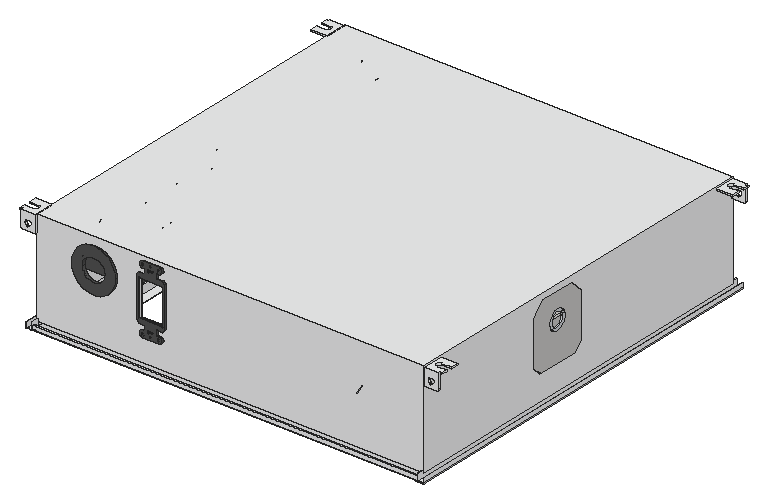
Revit family "AV-Connectivity_Ceiling-Boxes_CB-22_FSR", category Specialty Equipment, host Ceiling, Revit 2026 (continued)
Definition of nested family "CB-22-1"
  Forms (in)
    Extrusion 8, solid, material <- "Tray"
      sketch origin (0, -19.78167, 11.16583) x (0, -1, 0) y (1, 0, 0)
        loop
          line (-16.36349, -7.42849) -> (-16.82452, -7.42849) -> (-16.82452, -7.88952) -> (-16.36349, -7.88952) -> (-16.36349, -7.42849)
        loop
          circle (-16.20748, -7.73951) r 0.05325
        loop
          circle (-16.20748, -6.33941) r 0.05325
        loop
          line (-11.90601, -11.46647) -> (-8.38795, -11.46647) -> (-8.38795, -6.18042) -> (-11.781, -6.18042)
          arc (-11.781, -6.18042) -> (-11.86939, -6.21703) -> (-11.90601, -6.30543) r 0.12501
          line (-11.90601, -6.30543) -> (-11.90601, -11.46647)
        loop
          circle (-10.02988, -8.05554) r 0.88006
        loop
          circle (-11.58617, -8.93762) r 0.12501
        loop
          circle (-10.64911, -6.50044) r 0.12501
        loop
          line (-11.62203, -6.69302) -> (-11.68709, -6.75808) -> (-11.687, -7.13501)
          arc (-11.687, -7.13501) -> (-11.66694, -7.18343) -> (-11.61851, -7.2035) r 0.0685
          line (-11.61851, -7.2035) -> (-11.24159, -7.20359) -> (-11.17653, -7.13853) -> (-11.62203, -6.69302)
        loop
          line (-10.95589, -6.9179) -> (-10.89084, -6.85284) -> (-10.89093, -6.47591)
          arc (-10.89093, -6.47591) -> (-10.91099, -6.42749) -> (-10.95941, -6.40742) r 0.0685
          line (-10.95941, -6.40742) -> (-11.33634, -6.40733) -> (-11.4014, -6.47239) -> (-10.95589, -6.9179)
      from -5.61807 to -5.54776
    Extrusion 9, solid, material <- "Black"
      sketch origin (0, -19.78167, 7.0572) x (0, -1, 0) y (1, 0, 0)
        loop
          line (-15.24, -8.27839) -> (-15.24, -11.46647) -> (-11.58741, -11.46647) -> (-11.58741, -8.27839) -> (-15.24, -8.27839)
      from -5.61807 to -1.43913
    Sweep 10, solid, material <- "Box Material"
      path origin (0, -19.78167, 0) x (0, -1, 0) y (1, 0, 0)
        loop
          line (-31.17539, -11.46647) -> (-31.17539, 11.45677)
      profile origin (-0.00485, 11.39372, 0) x (0, 1, 0) y (0, 0, 1)
        loop
          line (0.39323, 0) -> (0.39323, -0.27602) -> (0.03441, -0.27602) -> (0.03441, 0.12611) -> (0, 0.12611) -> (0, -0.27937)
          arc (0, -0.27937) -> (0.01568, -0.30284) -> (0.04241, -0.31192) r 0.0439
          line (0.04241, -0.31192) -> (0.38523, -0.31192)
          arc (0.38523, -0.31192) -> (0.41627, -0.29906) -> (0.42913, -0.26802) r 0.0439
          line (0.42913, -0.26802) -> (0.42913, 0) -> (0.39323, 0)
    Sweep 11, solid, material <- "Box Material"
      path origin (0, 19.73787, 0) x (0, -1, 0) y (1, 0, 0)
        loop
          line (31.17539, -11.46647) -> (31.17539, 11.45677)
      profile origin (-0.00485, -11.43752, 0) x (0, 1, 0) y (0, 0, 1)
        loop
          line (-0.39323, 0) -> (-0.42913, 0) -> (-0.42913, -0.26802)
          arc (-0.42913, -0.26802) -> (-0.41627, -0.29906) -> (-0.38523, -0.31192) r 0.0439
          line (-0.38523, -0.31192) -> (0.00139, -0.31192)
          arc (0.00139, -0.31192) -> (0.02812, -0.30284) -> (0.0438, -0.27937) r 0.0439
          line (0.0438, -0.27937) -> (0.0438, 0.12611) -> (0.00939, 0.12611) -> (0.00939, -0.27602) -> (-0.39323, -0.27602) -> (-0.39323, 0)
    Sweep 12, solid, material <- "Box Material"
      path origin (0, -19.78167, 0) x (0, 1, 0) y (-1, 0, 0)
        loop
          line (31.60452, -11.46647) -> (7.91502, -11.46647)
      profile origin (11.46647, -0.0219, 0) x (1, 0, 0) y (0, 0, 1)
        loop
          line (0.34263, 0) -> (0.34263, -0.27602) -> (0.03441, -0.27602) -> (0.03441, 0.12611) -> (0, 0.12611) -> (0, -0.27937)
          arc (0, -0.27937) -> (0.01568, -0.30284) -> (0.04241, -0.31192) r 0.0439
          line (0.04241, -0.31192) -> (0.33463, -0.31192)
          arc (0.33463, -0.31192) -> (0.36567, -0.29906) -> (0.37853, -0.26802) r 0.0439
          line (0.37853, -0.26802) -> (0.37853, 0) -> (0.34263, 0)
    Sweep 13, solid, material <- "Box Material"
      path origin (0, 0, 0) x (1, 0, 0) y (0, 1, 0)
        loop
          line (-9.69989, 11.39372) -> (-9.69989, -11.39372) -> (9.36913, -11.39372) -> (9.36913, 11.39372) -> (-9.69989, 11.39372)
      profile origin (-9.69989, 0, 0) x (1, 0, 0) y (0, 0, 1)
        loop
          line (0.03764, -0.33915) -> (0.03764, 0.12611) -> (0, 0.12611) -> (0, -0.33102)
          arc (0, -0.33102) -> (0.0146, -0.36207) -> (0.04564, -0.37493) r 0.0439
          line (0.04564, -0.37493) -> (0.62678, -0.37493) -> (0.62678, -0.33915) -> (0.03764, -0.33915)
    Extrusion 14, solid, material <- "Box Material"
      sketch origin (0, 0, 0) x (1, 0, 0) y (0, 1, 0)
        loop
          arc (-10.05368, 11.36632) -> (-10.06882, 11.40711) -> (-10.10691, 11.42813) r 0.0625
          line (-10.10691, 11.42813) -> (-11.41454, 11.42813)
          arc (-11.41454, 11.42813) -> (-11.44821, 11.41174) -> (-11.46647, 11.37904) r 0.06251
          line (-11.46647, 11.37904) -> (-11.46647, -11.42294)
          arc (-11.46647, -11.42294) -> (-11.44471, -11.45871) -> (-11.40527, -11.47273) r 0.06251
          line (-11.40527, -11.47273) -> (-10.11618, -11.47273)
          arc (-10.11618, -11.47273) -> (-10.07199, -11.45442) -> (-10.05368, -11.41022) r 0.0625
          line (-10.05368, -11.41022) -> (-10.05368, -11.33272) -> (-9.69989, -11.33272) -> (-9.69989, 11.28881) -> (-10.05368, 11.28881) -> (-10.05368, 11.36632)
        loop
          line (-11.09632, 10.24874) -> (-11.09632, 11.0928)
          arc (-11.09632, 11.0928) -> (-11.17432, 11.1708) -> (-11.25233, 11.0928) r 0.07801
          line (-11.25233, 11.0928) -> (-11.25233, 10.24874)
          arc (-11.25233, 10.24874) -> (-11.17432, 10.17074) -> (-11.09632, 10.24874) r 0.07801
        loop
          line (-11.09632, 9.06066) -> (-11.09632, 9.90472)
          arc (-11.09632, 9.90472) -> (-11.17432, 9.98272) -> (-11.25233, 9.90472) r 0.07801
          line (-11.25233, 9.90472) -> (-11.25233, 9.06066)
          arc (-11.25233, 9.06066) -> (-11.17432, 8.98266) -> (-11.09632, 9.06066) r 0.07801
        loop
          line (-11.09632, 7.87258) -> (-11.09632, 8.71664)
          arc (-11.09632, 8.71664) -> (-11.17432, 8.79464) -> (-11.25233, 8.71664) r 0.07801
          line (-11.25233, 8.71664) -> (-11.25233, 7.87258)
          arc (-11.25233, 7.87258) -> (-11.17432, 7.79458) -> (-11.09632, 7.87258) r 0.07801
        loop
          line (-11.09632, 6.6845) -> (-11.09632, 7.52856)
          arc (-11.09632, 7.52856) -> (-11.17432, 7.60656) -> (-11.25233, 7.52856) r 0.07801
          line (-11.25233, 7.52856) -> (-11.25233, 6.6845)
          arc (-11.25233, 6.6845) -> (-11.17432, 6.6065) -> (-11.09632, 6.6845) r 0.07801
        loop
          line (-11.09632, 5.49642) -> (-11.09632, 6.34048)
          arc (-11.09632, 6.34048) -> (-11.17432, 6.41848) -> (-11.25233, 6.34048) r 0.07801
          line (-11.25233, 6.34048) -> (-11.25233, 5.49642)
          arc (-11.25233, 5.49642) -> (-11.17432, 5.41842) -> (-11.09632, 5.49642) r 0.07801
        loop
          line (-11.09632, 4.30834) -> (-11.09632, 5.1524)
          arc (-11.09632, 5.1524) -> (-11.17432, 5.2304) -> (-11.25233, 5.1524) r 0.07801
          line (-11.25233, 5.1524) -> (-11.25233, 4.30834)
          arc (-11.25233, 4.30834) -> (-11.17432, 4.23034) -> (-11.09632, 4.30834) r 0.07801
        loop
          line (-11.09632, 3.12026) -> (-11.09632, 3.96432)
          arc (-11.09632, 3.96432) -> (-11.17432, 4.04232) -> (-11.25233, 3.96432) r 0.07801
          line (-11.25233, 3.96432) -> (-11.25233, 3.12026)
          arc (-11.25233, 3.12026) -> (-11.17432, 3.04226) -> (-11.09632, 3.12026) r 0.07801
        loop
          line (-11.09632, 1.93218) -> (-11.09632, 2.77624)
          arc (-11.09632, 2.77624) -> (-11.17432, 2.85424) -> (-11.25233, 2.77624) r 0.07801
          line (-11.25233, 2.77624) -> (-11.25233, 1.93218)
          arc (-11.25233, 1.93218) -> (-11.17432, 1.85418) -> (-11.09632, 1.93218) r 0.07801
        loop
          line (-11.09632, 0.7441) -> (-11.09632, 1.58816)
          arc (-11.09632, 1.58816) -> (-11.17432, 1.66616) -> (-11.25233, 1.58816) r 0.07801
          line (-11.25233, 1.58816) -> (-11.25233, 0.7441)
          arc (-11.25233, 0.7441) -> (-11.17432, 0.66609) -> (-11.09632, 0.7441) r 0.07801
        loop
          line (-11.25233, 0.39008) -> (-11.25233, -0.03395)
          arc (-11.25233, -0.03395) -> (-11.17432, -0.11196) -> (-11.09632, -0.03395) r 0.07801
          line (-11.09632, -0.03395) -> (-11.09632, 0.39008)
          arc (-11.09632, 0.39008) -> (-11.17432, 0.46808) -> (-11.25233, 0.39008) r 0.07801
        loop
          line (-10.71125, 10.24874) -> (-10.71125, 11.0928)
          arc (-10.71125, 11.0928) -> (-10.78925, 11.1708) -> (-10.86726, 11.0928) r 0.07801
          line (-10.86726, 11.0928) -> (-10.86726, 10.24874)
          arc (-10.86726, 10.24874) -> (-10.78925, 10.17074) -> (-10.71125, 10.24874) r 0.07801
        loop
          line (-10.71125, 9.06066) -> (-10.71125, 9.90472)
          arc (-10.71125, 9.90472) -> (-10.78925, 9.98272) -> (-10.86726, 9.90472) r 0.07801
          line (-10.86726, 9.90472) -> (-10.86726, 9.06066)
          arc (-10.86726, 9.06066) -> (-10.78925, 8.98266) -> (-10.71125, 9.06066) r 0.07801
        loop
          line (-10.71125, 7.87258) -> (-10.71125, 8.71664)
          arc (-10.71125, 8.71664) -> (-10.78925, 8.79464) -> (-10.86726, 8.71664) r 0.07801
          line (-10.86726, 8.71664) -> (-10.86726, 7.87258)
          arc (-10.86726, 7.87258) -> (-10.78925, 7.79458) -> (-10.71125, 7.87258) r 0.07801
        loop
          line (-10.71125, 6.6845) -> (-10.71125, 7.52856)
          arc (-10.71125, 7.52856) -> (-10.78925, 7.60656) -> (-10.86726, 7.52856) r 0.07801
          line (-10.86726, 7.52856) -> (-10.86726, 6.6845)
          arc (-10.86726, 6.6845) -> (-10.78925, 6.6065) -> (-10.71125, 6.6845) r 0.07801
        loop
          line (-10.71125, 5.49642) -> (-10.71125, 6.34048)
          arc (-10.71125, 6.34048) -> (-10.78925, 6.41848) -> (-10.86726, 6.34048) r 0.07801
          line (-10.86726, 6.34048) -> (-10.86726, 5.49642)
          arc (-10.86726, 5.49642) -> (-10.78925, 5.41842) -> (-10.71125, 5.49642) r 0.07801
        loop
          line (-10.71125, 4.30834) -> (-10.71125, 5.1524)
          arc (-10.71125, 5.1524) -> (-10.78925, 5.2304) -> (-10.86726, 5.1524) r 0.07801
          line (-10.86726, 5.1524) -> (-10.86726, 4.30834)
          arc (-10.86726, 4.30834) -> (-10.78925, 4.23034) -> (-10.71125, 4.30834) r 0.07801
        loop
          line (-10.71125, 3.12026) -> (-10.71125, 3.96432)
          arc (-10.71125, 3.96432) -> (-10.78925, 4.04232) -> (-10.86726, 3.96432) r 0.07801
          line (-10.86726, 3.96432) -> (-10.86726, 3.12026)
          arc (-10.86726, 3.12026) -> (-10.78925, 3.04226) -> (-10.71125, 3.12026) r 0.07801
        loop
          line (-10.71125, 1.93218) -> (-10.71125, 2.77624)
          arc (-10.71125, 2.77624) -> (-10.78925, 2.85424) -> (-10.86726, 2.77624) r 0.07801
          line (-10.86726, 2.77624) -> (-10.86726, 1.93218)
          arc (-10.86726, 1.93218) -> (-10.78925, 1.85418) -> (-10.71125, 1.93218) r 0.07801
        loop
          line (-10.71125, 0.7441) -> (-10.71125, 1.58816)
          arc (-10.71125, 1.58816) -> (-10.78925, 1.66616) -> (-10.86726, 1.58816) r 0.07801
          line (-10.86726, 1.58816) -> (-10.86726, 0.7441)
          arc (-10.86726, 0.7441) -> (-10.78925, 0.66609) -> (-10.71125, 0.7441) r 0.07801
        loop
          line (-10.86726, 0.39008) -> (-10.86726, -0.03395)
          arc (-10.86726, -0.03395) -> (-10.78925, -0.11196) -> (-10.71125, -0.03395) r 0.07801
          line (-10.71125, -0.03395) -> (-10.71125, 0.39008)
          arc (-10.71125, 0.39008) -> (-10.78925, 0.46808) -> (-10.86726, 0.39008) r 0.07801
        loop
          line (-10.32618, 10.24874) -> (-10.32618, 11.0928)
          arc (-10.32618, 11.0928) -> (-10.40419, 11.1708) -> (-10.48219, 11.0928) r 0.07801
          line (-10.48219, 11.0928) -> (-10.48219, 10.24874)
          arc (-10.48219, 10.24874) -> (-10.40419, 10.17074) -> (-10.32618, 10.24874) r 0.07801
        loop
          line (-10.32618, 9.06066) -> (-10.32618, 9.90472)
          arc (-10.32618, 9.90472) -> (-10.40419, 9.98272) -> (-10.48219, 9.90472) r 0.07801
          line (-10.48219, 9.90472) -> (-10.48219, 9.06066)
          arc (-10.48219, 9.06066) -> (-10.40419, 8.98266) -> (-10.32618, 9.06066) r 0.07801
        loop
          line (-10.32618, 7.87258) -> (-10.32618, 8.71664)
          arc (-10.32618, 8.71664) -> (-10.40419, 8.79464) -> (-10.48219, 8.71664) r 0.07801
          line (-10.48219, 8.71664) -> (-10.48219, 7.87258)
          arc (-10.48219, 7.87258) -> (-10.40419, 7.79458) -> (-10.32618, 7.87258) r 0.07801
        loop
          line (-10.32618, 6.6845) -> (-10.32618, 7.52856)
          arc (-10.32618, 7.52856) -> (-10.40419, 7.60656) -> (-10.48219, 7.52856) r 0.07801
          line (-10.48219, 7.52856) -> (-10.48219, 6.6845)
          arc (-10.48219, 6.6845) -> (-10.40419, 6.6065) -> (-10.32618, 6.6845) r 0.07801
        loop
          line (-10.32618, 5.49642) -> (-10.32618, 6.34048)
          arc (-10.32618, 6.34048) -> (-10.40419, 6.41848) -> (-10.48219, 6.34048) r 0.07801
          line (-10.48219, 6.34048) -> (-10.48219, 5.49642)
          arc (-10.48219, 5.49642) -> (-10.40419, 5.41842) -> (-10.32618, 5.49642) r 0.07801
        loop
          line (-10.32618, 4.30834) -> (-10.32618, 5.1524)
          arc (-10.32618, 5.1524) -> (-10.40419, 5.2304) -> (-10.48219, 5.1524) r 0.07801
          line (-10.48219, 5.1524) -> (-10.48219, 4.30834)
          arc (-10.48219, 4.30834) -> (-10.40419, 4.23034) -> (-10.32618, 4.30834) r 0.07801
        loop
          line (-10.32618, 3.12026) -> (-10.32618, 3.96432)
          arc (-10.32618, 3.96432) -> (-10.40419, 4.04232) -> (-10.48219, 3.96432) r 0.07801
          line (-10.48219, 3.96432) -> (-10.48219, 3.12026)
          arc (-10.48219, 3.12026) -> (-10.40419, 3.04226) -> (-10.32618, 3.12026) r 0.07801
        loop
          line (-10.32618, 1.93218) -> (-10.32618, 2.77624)
          arc (-10.32618, 2.77624) -> (-10.40419, 2.85424) -> (-10.48219, 2.77624) r 0.07801
          line (-10.48219, 2.77624) -> (-10.48219, 1.93218)
          arc (-10.48219, 1.93218) -> (-10.40419, 1.85418) -> (-10.32618, 1.93218) r 0.07801
        loop
          line (-10.32618, 0.7441) -> (-10.32618, 1.58816)
          arc (-10.32618, 1.58816) -> (-10.40419, 1.66616) -> (-10.48219, 1.58816) r 0.07801
          line (-10.48219, 1.58816) -> (-10.48219, 0.7441)
          arc (-10.48219, 0.7441) -> (-10.40419, 0.66609) -> (-10.32618, 0.7441) r 0.07801
        loop
          line (-10.48219, 0.39008) -> (-10.48219, -0.03395)
          arc (-10.48219, -0.03395) -> (-10.40419, -0.11196) -> (-10.32618, -0.03395) r 0.07801
          line (-10.32618, -0.03395) -> (-10.32618, 0.39008)
          arc (-10.32618, 0.39008) -> (-10.40419, 0.46808) -> (-10.48219, 0.39008) r 0.07801
        loop
          line (-9.94112, 10.24874) -> (-9.94112, 11.0928)
          arc (-9.94112, 11.0928) -> (-10.01912, 11.1708) -> (-10.09713, 11.0928) r 0.07801
          line (-10.09713, 11.0928) -> (-10.09713, 10.24874)
          arc (-10.09713, 10.24874) -> (-10.01912, 10.17074) -> (-9.94112, 10.24874) r 0.07801
        loop
          line (-9.94112, 9.06066) -> (-9.94112, 9.90472)
          arc (-9.94112, 9.90472) -> (-10.01912, 9.98272) -> (-10.09713, 9.90472) r 0.07801
          line (-10.09713, 9.90472) -> (-10.09713, 9.06066)
          arc (-10.09713, 9.06066) -> (-10.01912, 8.98266) -> (-9.94112, 9.06066) r 0.07801
        loop
          line (-9.94112, 7.87258) -> (-9.94112, 8.71664)
          arc (-9.94112, 8.71664) -> (-10.01912, 8.79464) -> (-10.09713, 8.71664) r 0.07801
          line (-10.09713, 8.71664) -> (-10.09713, 7.87258)
          arc (-10.09713, 7.87258) -> (-10.01912, 7.79458) -> (-9.94112, 7.87258) r 0.07801
        loop
          line (-9.94112, 6.6845) -> (-9.94112, 7.52856)
          arc (-9.94112, 7.52856) -> (-10.01912, 7.60656) -> (-10.09713, 7.52856) r 0.07801
          line (-10.09713, 7.52856) -> (-10.09713, 6.6845)
          arc (-10.09713, 6.6845) -> (-10.01912, 6.6065) -> (-9.94112, 6.6845) r 0.07801
        loop
          line (-9.94112, 5.49642) -> (-9.94112, 6.34048)
          arc (-9.94112, 6.34048) -> (-10.01912, 6.41848) -> (-10.09713, 6.34048) r 0.07801
          line (-10.09713, 6.34048) -> (-10.09713, 5.49642)
          arc (-10.09713, 5.49642) -> (-10.01912, 5.41842) -> (-9.94112, 5.49642) r 0.07801
        loop
          line (-9.94112, 4.30834) -> (-9.94112, 5.1524)
          arc (-9.94112, 5.1524) -> (-10.01912, 5.2304) -> (-10.09713, 5.1524) r 0.07801
          line (-10.09713, 5.1524) -> (-10.09713, 4.30834)
          arc (-10.09713, 4.30834) -> (-10.01912, 4.23034) -> (-9.94112, 4.30834) r 0.07801
        loop
          line (-9.94112, 3.12026) -> (-9.94112, 3.96432)
          arc (-9.94112, 3.96432) -> (-10.01912, 4.04232) -> (-10.09713, 3.96432) r 0.07801
          line (-10.09713, 3.96432) -> (-10.09713, 3.12026)
          arc (-10.09713, 3.12026) -> (-10.01912, 3.04226) -> (-9.94112, 3.12026) r 0.07801
        loop
          line (-9.94112, 1.93218) -> (-9.94112, 2.77624)
          arc (-9.94112, 2.77624) -> (-10.01912, 2.85424) -> (-10.09713, 2.77624) r 0.07801
          line (-10.09713, 2.77624) -> (-10.09713, 1.93218)
          arc (-10.09713, 1.93218) -> (-10.01912, 1.85418) -> (-9.94112, 1.93218) r 0.07801
        loop
          line (-9.94112, 0.7441) -> (-9.94112, 1.58816)
          arc (-9.94112, 1.58816) -> (-10.01912, 1.66616) -> (-10.09713, 1.58816) r 0.07801
          line (-10.09713, 1.58816) -> (-10.09713, 0.7441)
          arc (-10.09713, 0.7441) -> (-10.01912, 0.66609) -> (-9.94112, 0.7441) r 0.07801
        loop
          line (-10.09713, 0.39008) -> (-10.09713, -0.03395)
          arc (-10.09713, -0.03395) -> (-10.01912, -0.11196) -> (-9.94112, -0.03395) r 0.07801
          line (-9.94112, -0.03395) -> (-9.94112, 0.39008)
          arc (-9.94112, 0.39008) -> (-10.01912, 0.46808) -> (-10.09713, 0.39008) r 0.07801
        loop
          line (-11.09632, -2.79114) -> (-11.09632, -2.60313)
          arc (-11.09632, -2.60313) -> (-11.17432, -2.52512) -> (-11.25233, -2.60313) r 0.07801
          line (-11.25233, -2.60313) -> (-11.25233, -2.79114)
          arc (-11.25233, -2.79114) -> (-11.17432, -2.86914) -> (-11.09632, -2.79114) r 0.07801
        loop
          line (-11.09632, -4.00822) -> (-11.09632, -3.16416)
          arc (-11.09632, -3.16416) -> (-11.17432, -3.08616) -> (-11.25233, -3.16416) r 0.07801
          line (-11.25233, -3.16416) -> (-11.25233, -4.00822)
          arc (-11.25233, -4.00822) -> (-11.17432, -4.08623) -> (-11.09632, -4.00822) r 0.07801
        loop
          line (-11.09632, -5.1963) -> (-11.09632, -4.35224)
          arc (-11.09632, -4.35224) -> (-11.17432, -4.27424) -> (-11.25233, -4.35224) r 0.07801
          line (-11.25233, -4.35224) -> (-11.25233, -5.1963)
          arc (-11.25233, -5.1963) -> (-11.17432, -5.27431) -> (-11.09632, -5.1963) r 0.07801
        loop
          line (-11.09632, -6.38438) -> (-11.09632, -5.54032)
          arc (-11.09632, -5.54032) -> (-11.17432, -5.46232) -> (-11.25233, -5.54032) r 0.07801
          line (-11.25233, -5.54032) -> (-11.25233, -6.38438)
          arc (-11.25233, -6.38438) -> (-11.17432, -6.46239) -> (-11.09632, -6.38438) r 0.07801
        loop
          line (-11.09632, -8.76054) -> (-11.09632, -7.91649)
          arc (-11.09632, -7.91649) -> (-11.17432, -7.83848) -> (-11.25233, -7.91649) r 0.07801
          line (-11.25233, -7.91649) -> (-11.25233, -8.76054)
          arc (-11.25233, -8.76054) -> (-11.17432, -8.83855) -> (-11.09632, -8.76054) r 0.07801
        loop
          line (-11.09632, -9.94862) -> (-11.09632, -9.10457)
          arc (-11.09632, -9.10457) -> (-11.17432, -9.02656) -> (-11.25233, -9.10457) r 0.07801
          line (-11.25233, -9.10457) -> (-11.25233, -9.94862)
          arc (-11.25233, -9.94862) -> (-11.17432, -10.02663) -> (-11.09632, -9.94862) r 0.07801
        loop
          line (-11.09632, -11.1367) -> (-11.09632, -10.29265)
          arc (-11.09632, -10.29265) -> (-11.17432, -10.21464) -> (-11.25233, -10.29265) r 0.07801
          line (-11.25233, -10.29265) -> (-11.25233, -11.1367)
          arc (-11.25233, -11.1367) -> (-11.17432, -11.21471) -> (-11.09632, -11.1367) r 0.07801
        loop
          line (-11.09632, -7.57246) -> (-11.09632, -6.7284)
          arc (-11.09632, -6.7284) -> (-11.17432, -6.6504) -> (-11.25233, -6.7284) r 0.07801
          line (-11.25233, -6.7284) -> (-11.25233, -7.57246)
          arc (-11.25233, -7.57246) -> (-11.17432, -7.65047) -> (-11.09632, -7.57246) r 0.07801
        loop
          line (-10.71125, -2.79114) -> (-10.71125, -2.60313)
          arc (-10.71125, -2.60313) -> (-10.78925, -2.52512) -> (-10.86726, -2.60313) r 0.07801
          line (-10.86726, -2.60313) -> (-10.86726, -2.79114)
          arc (-10.86726, -2.79114) -> (-10.78925, -2.86914) -> (-10.71125, -2.79114) r 0.07801
        loop
          line (-10.71125, -4.00822) -> (-10.71125, -3.16416)
          arc (-10.71125, -3.16416) -> (-10.78925, -3.08616) -> (-10.86726, -3.16416) r 0.07801
          line (-10.86726, -3.16416) -> (-10.86726, -4.00822)
          arc (-10.86726, -4.00822) -> (-10.78925, -4.08623) -> (-10.71125, -4.00822) r 0.07801
        loop
          line (-10.71125, -5.1963) -> (-10.71125, -4.35224)
          arc (-10.71125, -4.35224) -> (-10.78925, -4.27424) -> (-10.86726, -4.35224) r 0.07801
          line (-10.86726, -4.35224) -> (-10.86726, -5.1963)
          arc (-10.86726, -5.1963) -> (-10.78925, -5.27431) -> (-10.71125, -5.1963) r 0.07801
        loop
          line (-10.71125, -6.38438) -> (-10.71125, -5.54032)
          arc (-10.71125, -5.54032) -> (-10.78925, -5.46232) -> (-10.86726, -5.54032) r 0.07801
          line (-10.86726, -5.54032) -> (-10.86726, -6.38438)
          arc (-10.86726, -6.38438) -> (-10.78925, -6.46239) -> (-10.71125, -6.38438) r 0.07801
        loop
          line (-10.71125, -8.76054) -> (-10.71125, -7.91649)
          arc (-10.71125, -7.91649) -> (-10.78925, -7.83848) -> (-10.86726, -7.91649) r 0.07801
          line (-10.86726, -7.91649) -> (-10.86726, -8.76054)
          arc (-10.86726, -8.76054) -> (-10.78925, -8.83855) -> (-10.71125, -8.76054) r 0.07801
        loop
          line (-10.71125, -9.94862) -> (-10.71125, -9.10457)
          arc (-10.71125, -9.10457) -> (-10.78925, -9.02656) -> (-10.86726, -9.10457) r 0.07801
          line (-10.86726, -9.10457) -> (-10.86726, -9.94862)
          arc (-10.86726, -9.94862) -> (-10.78925, -10.02663) -> (-10.71125, -9.94862) r 0.07801
        loop
          line (-10.71125, -11.1367) -> (-10.71125, -10.29265)
          arc (-10.71125, -10.29265) -> (-10.78925, -10.21464) -> (-10.86726, -10.29265) r 0.07801
          line (-10.86726, -10.29265) -> (-10.86726, -11.1367)
          arc (-10.86726, -11.1367) -> (-10.78925, -11.21471) -> (-10.71125, -11.1367) r 0.07801
        loop
          line (-10.71125, -7.57246) -> (-10.71125, -6.7284)
          arc (-10.71125, -6.7284) -> (-10.78925, -6.6504) -> (-10.86726, -6.7284) r 0.07801
          line (-10.86726, -6.7284) -> (-10.86726, -7.57246)
          arc (-10.86726, -7.57246) -> (-10.78925, -7.65047) -> (-10.71125, -7.57246) r 0.07801
        loop
          line (-10.32618, -2.79114) -> (-10.32618, -2.60313)
          arc (-10.32618, -2.60313) -> (-10.40419, -2.52512) -> (-10.48219, -2.60313) r 0.07801
          line (-10.48219, -2.60313) -> (-10.48219, -2.79114)
          arc (-10.48219, -2.79114) -> (-10.40419, -2.86914) -> (-10.32618, -2.79114) r 0.07801
        loop
          line (-10.32618, -4.00822) -> (-10.32618, -3.16416)
          arc (-10.32618, -3.16416) -> (-10.40419, -3.08616) -> (-10.48219, -3.16416) r 0.07801
          line (-10.48219, -3.16416) -> (-10.48219, -4.00822)
          arc (-10.48219, -4.00822) -> (-10.40419, -4.08623) -> (-10.32618, -4.00822) r 0.07801
        loop
          line (-10.32618, -5.1963) -> (-10.32618, -4.35224)
          arc (-10.32618, -4.35224) -> (-10.40419, -4.27424) -> (-10.48219, -4.35224) r 0.07801
          line (-10.48219, -4.35224) -> (-10.48219, -5.1963)
          arc (-10.48219, -5.1963) -> (-10.40419, -5.27431) -> (-10.32618, -5.1963) r 0.07801
        loop
          line (-10.32618, -6.38438) -> (-10.32618, -5.54032)
          arc (-10.32618, -5.54032) -> (-10.40419, -5.46232) -> (-10.48219, -5.54032) r 0.07801
          line (-10.48219, -5.54032) -> (-10.48219, -6.38438)
          arc (-10.48219, -6.38438) -> (-10.40419, -6.46239) -> (-10.32618, -6.38438) r 0.07801
        loop
          line (-10.32618, -8.76054) -> (-10.32618, -7.91649)
          arc (-10.32618, -7.91649) -> (-10.40419, -7.83848) -> (-10.48219, -7.91649) r 0.07801
          line (-10.48219, -7.91649) -> (-10.48219, -8.76054)
          arc (-10.48219, -8.76054) -> (-10.40419, -8.83855) -> (-10.32618, -8.76054) r 0.07801
        loop
          line (-10.32618, -9.94862) -> (-10.32618, -9.10457)
          arc (-10.32618, -9.10457) -> (-10.40419, -9.02656) -> (-10.48219, -9.10457) r 0.07801
          line (-10.48219, -9.10457) -> (-10.48219, -9.94862)
          arc (-10.48219, -9.94862) -> (-10.40419, -10.02663) -> (-10.32618, -9.94862) r 0.07801
        loop
          line (-10.32618, -11.1367) -> (-10.32618, -10.29265)
          arc (-10.32618, -10.29265) -> (-10.40419, -10.21464) -> (-10.48219, -10.29265) r 0.07801
          line (-10.48219, -10.29265) -> (-10.48219, -11.1367)
          arc (-10.48219, -11.1367) -> (-10.40419, -11.21471) -> (-10.32618, -11.1367) r 0.07801
        loop
          line (-10.32618, -7.57246) -> (-10.32618, -6.7284)
          arc (-10.32618, -6.7284) -> (-10.40419, -6.6504) -> (-10.48219, -6.7284) r 0.07801
          line (-10.48219, -6.7284) -> (-10.48219, -7.57246)
          arc (-10.48219, -7.57246) -> (-10.40419, -7.65047) -> (-10.32618, -7.57246) r 0.07801
        loop
          line (-9.94112, -2.79114) -> (-9.94112, -2.60313)
          arc (-9.94112, -2.60313) -> (-10.01912, -2.52512) -> (-10.09713, -2.60313) r 0.07801
          line (-10.09713, -2.60313) -> (-10.09713, -2.79114)
          arc (-10.09713, -2.79114) -> (-10.01912, -2.86914) -> (-9.94112, -2.79114) r 0.07801
        loop
          line (-9.94112, -4.00822) -> (-9.94112, -3.16416)
          arc (-9.94112, -3.16416) -> (-10.01912, -3.08616) -> (-10.09713, -3.16416) r 0.07801
          line (-10.09713, -3.16416) -> (-10.09713, -4.00822)
          arc (-10.09713, -4.00822) -> (-10.01912, -4.08623) -> (-9.94112, -4.00822) r 0.07801
        loop
          line (-9.94112, -5.1963) -> (-9.94112, -4.35224)
          arc (-9.94112, -4.35224) -> (-10.01912, -4.27424) -> (-10.09713, -4.35224) r 0.07801
          line (-10.09713, -4.35224) -> (-10.09713, -5.1963)
          arc (-10.09713, -5.1963) -> (-10.01912, -5.27431) -> (-9.94112, -5.1963) r 0.07801
        loop
          line (-9.94112, -6.38438) -> (-9.94112, -5.54032)
          arc (-9.94112, -5.54032) -> (-10.01912, -5.46232) -> (-10.09713, -5.54032) r 0.07801
          line (-10.09713, -5.54032) -> (-10.09713, -6.38438)
          arc (-10.09713, -6.38438) -> (-10.01912, -6.46239) -> (-9.94112, -6.38438) r 0.07801
        loop
          line (-9.94112, -8.76054) -> (-9.94112, -7.91649)
          arc (-9.94112, -7.91649) -> (-10.01912, -7.83848) -> (-10.09713, -7.91649) r 0.07801
          line (-10.09713, -7.91649) -> (-10.09713, -8.76054)
          arc (-10.09713, -8.76054) -> (-10.01912, -8.83855) -> (-9.94112, -8.76054) r 0.07801
        loop
          line (-9.94112, -9.94862) -> (-9.94112, -9.10457)
          arc (-9.94112, -9.10457) -> (-10.01912, -9.02656) -> (-10.09713, -9.10457) r 0.07801
          line (-10.09713, -9.10457) -> (-10.09713, -9.94862)
          arc (-10.09713, -9.94862) -> (-10.01912, -10.02663) -> (-9.94112, -9.94862) r 0.07801
        loop
          line (-9.94112, -11.1367) -> (-9.94112, -10.29265)
          arc (-9.94112, -10.29265) -> (-10.01912, -10.21464) -> (-10.09713, -10.29265) r 0.07801
          line (-10.09713, -10.29265) -> (-10.09713, -11.1367)
          arc (-10.09713, -11.1367) -> (-10.01912, -11.21471) -> (-9.94112, -11.1367) r 0.07801
        loop
          line (-9.94112, -7.57246) -> (-9.94112, -6.7284)
          arc (-9.94112, -6.7284) -> (-10.01912, -6.6504) -> (-10.09713, -6.7284) r 0.07801
          line (-10.09713, -6.7284) -> (-10.09713, -7.57246)
          arc (-10.09713, -7.57246) -> (-10.01912, -7.65047) -> (-9.94112, -7.57246) r 0.07801
      from -0.31192 to -0.27602
    Extrusion 15, solid, material <- "Box Material"
      sketch origin (0, 0, 0) x (1, 0, 0) y (0, 1, 0)
        loop
          line (9.36913, 11.41682) -> (9.36913, -11.46072) -> (11.24426, -11.46072)
          arc (11.24426, -11.46072) -> (11.33265, -11.42411) -> (11.36927, -11.33572) r 0.12501
          line (11.36927, -11.33572) -> (11.36927, 11.29181)
          arc (11.36927, 11.29181) -> (11.33265, 11.38021) -> (11.24426, 11.41682) r 0.12501
          line (11.24426, 11.41682) -> (9.36913, 11.41682)
        loop
          arc (9.86617, 11.0928) -> (9.78816, 11.1708) -> (9.71016, 11.0928) r 0.07801
          line (9.71016, 11.0928) -> (9.71016, 10.24874)
          arc (9.71016, 10.24874) -> (9.78816, 10.17074) -> (9.86617, 10.24874) r 0.07801
          line (9.86617, 10.24874) -> (9.86617, 11.0928)
        loop
          arc (10.25119, 11.0928) -> (10.17319, 11.1708) -> (10.09518, 11.0928) r 0.07801
          line (10.09518, 11.0928) -> (10.09518, 10.24874)
          arc (10.09518, 10.24874) -> (10.17319, 10.17074) -> (10.25119, 10.24874) r 0.07801
          line (10.25119, 10.24874) -> (10.25119, 11.0928)
        loop
          line (10.48021, 11.0928) -> (10.48021, 10.24874)
          arc (10.48021, 10.24874) -> (10.55821, 10.17074) -> (10.63622, 10.24874) r 0.07801
          line (10.63622, 10.24874) -> (10.63622, 11.0928)
          arc (10.63622, 11.0928) -> (10.55821, 11.1708) -> (10.48021, 11.0928) r 0.07801
        loop
          line (10.86523, 11.0928) -> (10.86523, 10.24874)
          arc (10.86523, 10.24874) -> (10.94324, 10.17074) -> (11.02124, 10.24874) r 0.07801
          line (11.02124, 10.24874) -> (11.02124, 11.0928)
          arc (11.02124, 11.0928) -> (10.94324, 11.1708) -> (10.86523, 11.0928) r 0.07801
        loop
          arc (10.25119, 9.90472) -> (10.17319, 9.98272) -> (10.09518, 9.90472) r 0.07801
          line (10.09518, 9.90472) -> (10.09518, 9.06066)
          arc (10.09518, 9.06066) -> (10.17319, 8.98266) -> (10.25119, 9.06066) r 0.07801
          line (10.25119, 9.06066) -> (10.25119, 9.90472)
        loop
          line (10.48021, 9.90472) -> (10.48021, 9.06066)
          arc (10.48021, 9.06066) -> (10.55821, 8.98266) -> (10.63622, 9.06066) r 0.07801
          line (10.63622, 9.06066) -> (10.63622, 9.90472)
          arc (10.63622, 9.90472) -> (10.55821, 9.98272) -> (10.48021, 9.90472) r 0.07801
        loop
          line (10.86523, 9.90472) -> (10.86523, 9.06066)
          arc (10.86523, 9.06066) -> (10.94324, 8.98266) -> (11.02124, 9.06066) r 0.07801
          line (11.02124, 9.06066) -> (11.02124, 9.90472)
          arc (11.02124, 9.90472) -> (10.94324, 9.98272) -> (10.86523, 9.90472) r 0.07801
        loop
          arc (9.86617, 9.90472) -> (9.78816, 9.98272) -> (9.71016, 9.90472) r 0.07801
          line (9.71016, 9.90472) -> (9.71016, 9.06066)
          arc (9.71016, 9.06066) -> (9.78816, 8.98266) -> (9.86617, 9.06066) r 0.07801
          line (9.86617, 9.06066) -> (9.86617, 9.90472)
        loop
          arc (9.86617, 8.71664) -> (9.78816, 8.79464) -> (9.71016, 8.71664) r 0.07801
          line (9.71016, 8.71664) -> (9.71016, 7.87258)
          arc (9.71016, 7.87258) -> (9.78816, 7.79458) -> (9.86617, 7.87258) r 0.07801
          line (9.86617, 7.87258) -> (9.86617, 8.71664)
        loop
          arc (10.25119, 8.71664) -> (10.17319, 8.79464) -> (10.09518, 8.71664) r 0.07801
          line (10.09518, 8.71664) -> (10.09518, 7.87258)
          arc (10.09518, 7.87258) -> (10.17319, 7.79458) -> (10.25119, 7.87258) r 0.07801
          line (10.25119, 7.87258) -> (10.25119, 8.71664)
        loop
          line (10.48021, 8.71664) -> (10.48021, 7.87258)
          arc (10.48021, 7.87258) -> (10.55821, 7.79458) -> (10.63622, 7.87258) r 0.07801
          line (10.63622, 7.87258) -> (10.63622, 8.71664)
          arc (10.63622, 8.71664) -> (10.55821, 8.79464) -> (10.48021, 8.71664) r 0.07801
        loop
          line (10.86523, 8.71664) -> (10.86523, 7.87258)
          arc (10.86523, 7.87258) -> (10.94324, 7.79458) -> (11.02124, 7.87258) r 0.07801
          line (11.02124, 7.87258) -> (11.02124, 8.71664)
          arc (11.02124, 8.71664) -> (10.94324, 8.79464) -> (10.86523, 8.71664) r 0.07801
        loop
          arc (10.25119, 7.52856) -> (10.17319, 7.60656) -> (10.09518, 7.52856) r 0.07801
          line (10.09518, 7.52856) -> (10.09518, 6.6845)
          arc (10.09518, 6.6845) -> (10.17319, 6.6065) -> (10.25119, 6.6845) r 0.07801
          line (10.25119, 6.6845) -> (10.25119, 7.52856)
        loop
          line (10.48021, 7.52856) -> (10.48021, 6.6845)
          arc (10.48021, 6.6845) -> (10.55821, 6.6065) -> (10.63622, 6.6845) r 0.07801
          line (10.63622, 6.6845) -> (10.63622, 7.52856)
          arc (10.63622, 7.52856) -> (10.55821, 7.60656) -> (10.48021, 7.52856) r 0.07801
        loop
          line (10.86523, 7.52856) -> (10.86523, 6.6845)
          arc (10.86523, 6.6845) -> (10.94324, 6.6065) -> (11.02124, 6.6845) r 0.07801
          line (11.02124, 6.6845) -> (11.02124, 7.52856)
          arc (11.02124, 7.52856) -> (10.94324, 7.60656) -> (10.86523, 7.52856) r 0.07801
        loop
          arc (9.86617, 7.52856) -> (9.78816, 7.60656) -> (9.71016, 7.52856) r 0.07801
          line (9.71016, 7.52856) -> (9.71016, 6.6845)
          arc (9.71016, 6.6845) -> (9.78816, 6.6065) -> (9.86617, 6.6845) r 0.07801
          line (9.86617, 6.6845) -> (9.86617, 7.52856)
        loop
          arc (9.86617, 6.34048) -> (9.78816, 6.41848) -> (9.71016, 6.34048) r 0.07801
          line (9.71016, 6.34048) -> (9.71016, 5.49642)
          arc (9.71016, 5.49642) -> (9.78816, 5.41842) -> (9.86617, 5.49642) r 0.07801
          line (9.86617, 5.49642) -> (9.86617, 6.34048)
        loop
          arc (10.25119, 6.34048) -> (10.17319, 6.41848) -> (10.09518, 6.34048) r 0.07801
          line (10.09518, 6.34048) -> (10.09518, 5.49642)
          arc (10.09518, 5.49642) -> (10.17319, 5.41842) -> (10.25119, 5.49642) r 0.07801
          line (10.25119, 5.49642) -> (10.25119, 6.34048)
        loop
          line (10.48021, 6.34048) -> (10.48021, 5.49642)
          arc (10.48021, 5.49642) -> (10.55821, 5.41842) -> (10.63622, 5.49642) r 0.07801
          line (10.63622, 5.49642) -> (10.63622, 6.34048)
          arc (10.63622, 6.34048) -> (10.55821, 6.41848) -> (10.48021, 6.34048) r 0.07801
        loop
          line (10.86523, 6.34048) -> (10.86523, 5.49642)
          arc (10.86523, 5.49642) -> (10.94324, 5.41842) -> (11.02124, 5.49642) r 0.07801
          line (11.02124, 5.49642) -> (11.02124, 6.34048)
          arc (11.02124, 6.34048) -> (10.94324, 6.41848) -> (10.86523, 6.34048) r 0.07801
        loop
          arc (10.25119, 5.1524) -> (10.17319, 5.2304) -> (10.09518, 5.1524) r 0.07801
          line (10.09518, 5.1524) -> (10.09518, 4.30834)
          arc (10.09518, 4.30834) -> (10.17319, 4.23034) -> (10.25119, 4.30834) r 0.07801
          line (10.25119, 4.30834) -> (10.25119, 5.1524)
        loop
          line (10.48021, 5.1524) -> (10.48021, 4.30834)
          arc (10.48021, 4.30834) -> (10.55821, 4.23034) -> (10.63622, 4.30834) r 0.07801
          line (10.63622, 4.30834) -> (10.63622, 5.1524)
          arc (10.63622, 5.1524) -> (10.55821, 5.2304) -> (10.48021, 5.1524) r 0.07801
        loop
          line (10.86523, 5.1524) -> (10.86523, 4.30834)
          arc (10.86523, 4.30834) -> (10.94324, 4.23034) -> (11.02124, 4.30834) r 0.07801
          line (11.02124, 4.30834) -> (11.02124, 5.1524)
          arc (11.02124, 5.1524) -> (10.94324, 5.2304) -> (10.86523, 5.1524) r 0.07801
        loop
          arc (9.86617, 5.1524) -> (9.78816, 5.2304) -> (9.71016, 5.1524) r 0.07801
          line (9.71016, 5.1524) -> (9.71016, 4.30834)
          arc (9.71016, 4.30834) -> (9.78816, 4.23034) -> (9.86617, 4.30834) r 0.07801
          line (9.86617, 4.30834) -> (9.86617, 5.1524)
        loop
          arc (9.86617, 3.96432) -> (9.78816, 4.04232) -> (9.71016, 3.96432) r 0.07801
          line (9.71016, 3.96432) -> (9.71016, 3.12026)
          arc (9.71016, 3.12026) -> (9.78816, 3.04226) -> (9.86617, 3.12026) r 0.07801
          line (9.86617, 3.12026) -> (9.86617, 3.96432)
        loop
          arc (10.25119, 3.96432) -> (10.17319, 4.04232) -> (10.09518, 3.96432) r 0.07801
          line (10.09518, 3.96432) -> (10.09518, 3.12026)
          arc (10.09518, 3.12026) -> (10.17319, 3.04226) -> (10.25119, 3.12026) r 0.07801
          line (10.25119, 3.12026) -> (10.25119, 3.96432)
        loop
          line (10.48021, 3.96432) -> (10.48021, 3.12026)
          arc (10.48021, 3.12026) -> (10.55821, 3.04226) -> (10.63622, 3.12026) r 0.07801
          line (10.63622, 3.12026) -> (10.63622, 3.96432)
          arc (10.63622, 3.96432) -> (10.55821, 4.04232) -> (10.48021, 3.96432) r 0.07801
        loop
          line (10.86523, 3.96432) -> (10.86523, 3.12026)
          arc (10.86523, 3.12026) -> (10.94324, 3.04226) -> (11.02124, 3.12026) r 0.07801
          line (11.02124, 3.12026) -> (11.02124, 3.96432)
          arc (11.02124, 3.96432) -> (10.94324, 4.04232) -> (10.86523, 3.96432) r 0.07801
        loop
          arc (10.25119, 2.77624) -> (10.17319, 2.85424) -> (10.09518, 2.77624) r 0.07801
          line (10.09518, 2.77624) -> (10.09518, 1.93218)
          arc (10.09518, 1.93218) -> (10.17319, 1.85418) -> (10.25119, 1.93218) r 0.07801
          line (10.25119, 1.93218) -> (10.25119, 2.77624)
        loop
          line (10.48021, 2.77624) -> (10.48021, 1.93218)
          arc (10.48021, 1.93218) -> (10.55821, 1.85418) -> (10.63622, 1.93218) r 0.07801
          line (10.63622, 1.93218) -> (10.63622, 2.77624)
          arc (10.63622, 2.77624) -> (10.55821, 2.85424) -> (10.48021, 2.77624) r 0.07801
        loop
          line (10.86523, 2.77624) -> (10.86523, 1.93218)
          arc (10.86523, 1.93218) -> (10.94324, 1.85418) -> (11.02124, 1.93218) r 0.07801
          line (11.02124, 1.93218) -> (11.02124, 2.77624)
          arc (11.02124, 2.77624) -> (10.94324, 2.85424) -> (10.86523, 2.77624) r 0.07801
        loop
          arc (9.86617, 2.77624) -> (9.78816, 2.85424) -> (9.71016, 2.77624) r 0.07801
          line (9.71016, 2.77624) -> (9.71016, 1.93218)
          arc (9.71016, 1.93218) -> (9.78816, 1.85418) -> (9.86617, 1.93218) r 0.07801
          line (9.86617, 1.93218) -> (9.86617, 2.77624)
        loop
          arc (10.25119, 1.58816) -> (10.17319, 1.66616) -> (10.09518, 1.58816) r 0.07801
          line (10.09518, 1.58816) -> (10.09518, 0.7441)
          arc (10.09518, 0.7441) -> (10.17319, 0.66609) -> (10.25119, 0.7441) r 0.07801
          line (10.25119, 0.7441) -> (10.25119, 1.58816)
        loop
          line (10.48021, 1.58816) -> (10.48021, 0.7441)
          arc (10.48021, 0.7441) -> (10.55821, 0.66609) -> (10.63622, 0.7441) r 0.07801
          line (10.63622, 0.7441) -> (10.63622, 1.58816)
          arc (10.63622, 1.58816) -> (10.55821, 1.66616) -> (10.48021, 1.58816) r 0.07801
        loop
          line (10.86523, 1.58816) -> (10.86523, 0.7441)
          arc (10.86523, 0.7441) -> (10.94324, 0.66609) -> (11.02124, 0.7441) r 0.07801
          line (11.02124, 0.7441) -> (11.02124, 1.58816)
          arc (11.02124, 1.58816) -> (10.94324, 1.66616) -> (10.86523, 1.58816) r 0.07801
        loop
          arc (9.86617, 1.58816) -> (9.78816, 1.66616) -> (9.71016, 1.58816) r 0.07801
          line (9.71016, 1.58816) -> (9.71016, 0.7441)
          arc (9.71016, 0.7441) -> (9.78816, 0.66609) -> (9.86617, 0.7441) r 0.07801
          line (9.86617, 0.7441) -> (9.86617, 1.58816)
        loop
          arc (10.25119, -0.788) -> (10.17319, -0.71) -> (10.09518, -0.788) r 0.07801
          line (10.09518, -0.788) -> (10.09518, -1.63206)
          arc (10.09518, -1.63206) -> (10.17319, -1.71007) -> (10.25119, -1.63206) r 0.07801
          line (10.25119, -1.63206) -> (10.25119, -0.788)
        loop
          line (10.48021, -0.788) -> (10.48021, -1.63206)
          arc (10.48021, -1.63206) -> (10.55821, -1.71007) -> (10.63622, -1.63206) r 0.07801
          line (10.63622, -1.63206) -> (10.63622, -0.788)
          arc (10.63622, -0.788) -> (10.55821, -0.71) -> (10.48021, -0.788) r 0.07801
        loop
          line (10.86523, -0.788) -> (10.86523, -1.63206)
          arc (10.86523, -1.63206) -> (10.94324, -1.71007) -> (11.02124, -1.63206) r 0.07801
          line (11.02124, -1.63206) -> (11.02124, -0.788)
          arc (11.02124, -0.788) -> (10.94324, -0.71) -> (10.86523, -0.788) r 0.07801
        loop
          arc (9.86617, -0.788) -> (9.78816, -0.71) -> (9.71016, -0.788) r 0.07801
          line (9.71016, -0.788) -> (9.71016, -1.63206)
          arc (9.71016, -1.63206) -> (9.78816, -1.71007) -> (9.86617, -1.63206) r 0.07801
          line (9.86617, -1.63206) -> (9.86617, -0.788)
        loop
          arc (10.25119, -1.97608) -> (10.17319, -1.89808) -> (10.09518, -1.97608) r 0.07801
          line (10.09518, -1.97608) -> (10.09518, -2.82014)
          arc (10.09518, -2.82014) -> (10.17319, -2.89815) -> (10.25119, -2.82014) r 0.07801
          line (10.25119, -2.82014) -> (10.25119, -1.97608)
        loop
          line (10.48021, -1.97608) -> (10.48021, -2.82014)
          arc (10.48021, -2.82014) -> (10.55821, -2.89815) -> (10.63622, -2.82014) r 0.07801
          line (10.63622, -2.82014) -> (10.63622, -1.97608)
          arc (10.63622, -1.97608) -> (10.55821, -1.89808) -> (10.48021, -1.97608) r 0.07801
        loop
          line (10.86523, -1.97608) -> (10.86523, -2.82014)
          arc (10.86523, -2.82014) -> (10.94324, -2.89815) -> (11.02124, -2.82014) r 0.07801
          line (11.02124, -2.82014) -> (11.02124, -1.97608)
          arc (11.02124, -1.97608) -> (10.94324, -1.89808) -> (10.86523, -1.97608) r 0.07801
        loop
          arc (9.86617, -1.97608) -> (9.78816, -1.89808) -> (9.71016, -1.97608) r 0.07801
          line (9.71016, -1.97608) -> (9.71016, -2.82014)
          arc (9.71016, -2.82014) -> (9.78816, -2.89815) -> (9.86617, -2.82014) r 0.07801
          line (9.86617, -2.82014) -> (9.86617, -1.97608)
        loop
          arc (10.25119, -3.16416) -> (10.17319, -3.08616) -> (10.09518, -3.16416) r 0.07801
          line (10.09518, -3.16416) -> (10.09518, -4.00822)
          arc (10.09518, -4.00822) -> (10.17319, -4.08623) -> (10.25119, -4.00822) r 0.07801
          line (10.25119, -4.00822) -> (10.25119, -3.16416)
        loop
          line (10.48021, -3.16416) -> (10.48021, -4.00822)
          arc (10.48021, -4.00822) -> (10.55821, -4.08623) -> (10.63622, -4.00822) r 0.07801
          line (10.63622, -4.00822) -> (10.63622, -3.16416)
          arc (10.63622, -3.16416) -> (10.55821, -3.08616) -> (10.48021, -3.16416) r 0.07801
        loop
          line (10.86523, -3.16416) -> (10.86523, -4.00822)
          arc (10.86523, -4.00822) -> (10.94324, -4.08623) -> (11.02124, -4.00822) r 0.07801
          line (11.02124, -4.00822) -> (11.02124, -3.16416)
          arc (11.02124, -3.16416) -> (10.94324, -3.08616) -> (10.86523, -3.16416) r 0.07801
        loop
          arc (9.86617, -3.16416) -> (9.78816, -3.08616) -> (9.71016, -3.16416) r 0.07801
          line (9.71016, -3.16416) -> (9.71016, -4.00822)
          arc (9.71016, -4.00822) -> (9.78816, -4.08623) -> (9.86617, -4.00822) r 0.07801
          line (9.86617, -4.00822) -> (9.86617, -3.16416)
        loop
          arc (10.25119, -4.35224) -> (10.17319, -4.27424) -> (10.09518, -4.35224) r 0.07801
          line (10.09518, -4.35224) -> (10.09518, -5.1963)
          arc (10.09518, -5.1963) -> (10.17319, -5.27431) -> (10.25119, -5.1963) r 0.07801
          line (10.25119, -5.1963) -> (10.25119, -4.35224)
        loop
          line (10.48021, -4.35224) -> (10.48021, -5.1963)
          arc (10.48021, -5.1963) -> (10.55821, -5.27431) -> (10.63622, -5.1963) r 0.07801
          line (10.63622, -5.1963) -> (10.63622, -4.35224)
          arc (10.63622, -4.35224) -> (10.55821, -4.27424) -> (10.48021, -4.35224) r 0.07801
        loop
          line (10.86523, -4.35224) -> (10.86523, -5.1963)
          arc (10.86523, -5.1963) -> (10.94324, -5.27431) -> (11.02124, -5.1963) r 0.07801
          line (11.02124, -5.1963) -> (11.02124, -4.35224)
          arc (11.02124, -4.35224) -> (10.94324, -4.27424) -> (10.86523, -4.35224) r 0.07801
        loop
          arc (9.86617, -4.35224) -> (9.78816, -4.27424) -> (9.71016, -4.35224) r 0.07801
          line (9.71016, -4.35224) -> (9.71016, -5.1963)
          arc (9.71016, -5.1963) -> (9.78816, -5.27431) -> (9.86617, -5.1963) r 0.07801
          line (9.86617, -5.1963) -> (9.86617, -4.35224)
        loop
          arc (10.25119, -5.54032) -> (10.17319, -5.46232) -> (10.09518, -5.54032) r 0.07801
          line (10.09518, -5.54032) -> (10.09518, -6.38438)
          arc (10.09518, -6.38438) -> (10.17319, -6.46239) -> (10.25119, -6.38438) r 0.07801
          line (10.25119, -6.38438) -> (10.25119, -5.54032)
        loop
          line (10.48021, -5.54032) -> (10.48021, -6.38438)
          arc (10.48021, -6.38438) -> (10.55821, -6.46239) -> (10.63622, -6.38438) r 0.07801
          line (10.63622, -6.38438) -> (10.63622, -5.54032)
          arc (10.63622, -5.54032) -> (10.55821, -5.46232) -> (10.48021, -5.54032) r 0.07801
        loop
          line (10.86523, -5.54032) -> (10.86523, -6.38438)
          arc (10.86523, -6.38438) -> (10.94324, -6.46239) -> (11.02124, -6.38438) r 0.07801
          line (11.02124, -6.38438) -> (11.02124, -5.54032)
          arc (11.02124, -5.54032) -> (10.94324, -5.46232) -> (10.86523, -5.54032) r 0.07801
        loop
          arc (9.86617, -5.54032) -> (9.78816, -5.46232) -> (9.71016, -5.54032) r 0.07801
          line (9.71016, -5.54032) -> (9.71016, -6.38438)
          arc (9.71016, -6.38438) -> (9.78816, -6.46239) -> (9.86617, -6.38438) r 0.07801
          line (9.86617, -6.38438) -> (9.86617, -5.54032)
        loop
          arc (10.25119, -6.7284) -> (10.17319, -6.6504) -> (10.09518, -6.7284) r 0.07801
          line (10.09518, -6.7284) -> (10.09518, -7.57246)
          arc (10.09518, -7.57246) -> (10.17319, -7.65047) -> (10.25119, -7.57246) r 0.07801
          line (10.25119, -7.57246) -> (10.25119, -6.7284)
        loop
          line (10.48021, -6.7284) -> (10.48021, -7.57246)
          arc (10.48021, -7.57246) -> (10.55821, -7.65047) -> (10.63622, -7.57246) r 0.07801
          line (10.63622, -7.57246) -> (10.63622, -6.7284)
          arc (10.63622, -6.7284) -> (10.55821, -6.6504) -> (10.48021, -6.7284) r 0.07801
        loop
          line (10.86523, -6.7284) -> (10.86523, -7.57246)
          arc (10.86523, -7.57246) -> (10.94324, -7.65047) -> (11.02124, -7.57246) r 0.07801
          line (11.02124, -7.57246) -> (11.02124, -6.7284)
          arc (11.02124, -6.7284) -> (10.94324, -6.6504) -> (10.86523, -6.7284) r 0.07801
        loop
          arc (9.86617, -6.7284) -> (9.78816, -6.6504) -> (9.71016, -6.7284) r 0.07801
          line (9.71016, -6.7284) -> (9.71016, -7.57246)
          arc (9.71016, -7.57246) -> (9.78816, -7.65047) -> (9.86617, -7.57246) r 0.07801
          line (9.86617, -7.57246) -> (9.86617, -6.7284)
        loop
          arc (10.25119, -7.91648) -> (10.17319, -7.83848) -> (10.09518, -7.91648) r 0.07801
          line (10.09518, -7.91648) -> (10.09518, -8.76054)
          arc (10.09518, -8.76054) -> (10.17319, -8.83855) -> (10.25119, -8.76054) r 0.07801
          line (10.25119, -8.76054) -> (10.25119, -7.91648)
        loop
          line (10.48021, -7.91648) -> (10.48021, -8.76054)
          arc (10.48021, -8.76054) -> (10.55821, -8.83855) -> (10.63622, -8.76054) r 0.07801
          line (10.63622, -8.76054) -> (10.63622, -7.91648)
          arc (10.63622, -7.91648) -> (10.55821, -7.83848) -> (10.48021, -7.91648) r 0.07801
        loop
          line (10.86523, -7.91648) -> (10.86523, -8.76054)
          arc (10.86523, -8.76054) -> (10.94324, -8.83855) -> (11.02124, -8.76054) r 0.07801
          line (11.02124, -8.76054) -> (11.02124, -7.91648)
          arc (11.02124, -7.91648) -> (10.94324, -7.83848) -> (10.86523, -7.91648) r 0.07801
        loop
          arc (9.86617, -7.91648) -> (9.78816, -7.83848) -> (9.71016, -7.91648) r 0.07801
          line (9.71016, -7.91648) -> (9.71016, -8.76054)
          arc (9.71016, -8.76054) -> (9.78816, -8.83855) -> (9.86617, -8.76054) r 0.07801
          line (9.86617, -8.76054) -> (9.86617, -7.91648)
        loop
          arc (10.25119, -9.10457) -> (10.17319, -9.02656) -> (10.09518, -9.10457) r 0.07801
          line (10.09518, -9.10457) -> (10.09518, -9.94862)
          arc (10.09518, -9.94862) -> (10.17319, -10.02663) -> (10.25119, -9.94862) r 0.07801
          line (10.25119, -9.94862) -> (10.25119, -9.10457)
        loop
          line (10.48021, -9.10457) -> (10.48021, -9.94862)
          arc (10.48021, -9.94862) -> (10.55821, -10.02663) -> (10.63622, -9.94862) r 0.07801
          line (10.63622, -9.94862) -> (10.63622, -9.10457)
          arc (10.63622, -9.10457) -> (10.55821, -9.02656) -> (10.48021, -9.10457) r 0.07801
        loop
          line (10.86523, -9.10457) -> (10.86523, -9.94862)
          arc (10.86523, -9.94862) -> (10.94324, -10.02663) -> (11.02124, -9.94862) r 0.07801
          line (11.02124, -9.94862) -> (11.02124, -9.10457)
          arc (11.02124, -9.10457) -> (10.94324, -9.02656) -> (10.86523, -9.10457) r 0.07801
        loop
          arc (9.86617, -9.10457) -> (9.78816, -9.02656) -> (9.71016, -9.10457) r 0.07801
          line (9.71016, -9.10457) -> (9.71016, -9.94862)
          arc (9.71016, -9.94862) -> (9.78816, -10.02663) -> (9.86617, -9.94862) r 0.07801
          line (9.86617, -9.94862) -> (9.86617, -9.10457)
        loop
          arc (10.25119, -10.29265) -> (10.17319, -10.21464) -> (10.09518, -10.29265) r 0.07801
          line (10.09518, -10.29265) -> (10.09518, -11.1367)
          arc (10.09518, -11.1367) -> (10.17319, -11.21471) -> (10.25119, -11.1367) r 0.07801
          line (10.25119, -11.1367) -> (10.25119, -10.29265)
        loop
          line (10.48021, -10.29265) -> (10.48021, -11.1367)
          arc (10.48021, -11.1367) -> (10.55821, -11.21471) -> (10.63622, -11.1367) r 0.07801
          line (10.63622, -11.1367) -> (10.63622, -10.29265)
          arc (10.63622, -10.29265) -> (10.55821, -10.21464) -> (10.48021, -10.29265) r 0.07801
        loop
          line (10.86523, -10.29265) -> (10.86523, -11.1367)
          arc (10.86523, -11.1367) -> (10.94324, -11.21471) -> (11.02124, -11.1367) r 0.07801
          line (11.02124, -11.1367) -> (11.02124, -10.29265)
          arc (11.02124, -10.29265) -> (10.94324, -10.21464) -> (10.86523, -10.29265) r 0.07801
        loop
          arc (9.86617, -10.29265) -> (9.78816, -10.21464) -> (9.71016, -10.29265) r 0.07801
          line (9.71016, -10.29265) -> (9.71016, -11.1367)
          arc (9.71016, -11.1367) -> (9.78816, -11.21471) -> (9.86617, -11.1367) r 0.07801
          line (9.86617, -11.1367) -> (9.86617, -10.29265)
      from -0.31192 to -0.27602
    Extrusion 16, solid
      sketch origin (0, 0, 0) x (1, 0, 0) y (0, 1, 0)
        loop
          circle (10.3067, -0.02195) r 0.49003
        loop
          circle (10.3067, -0.02195) r 0.28002
      from -0.37493 to -0.31192
    Extrusion 17, solid
      sketch origin (0, 0, 0) x (1, 0, 0) y (0, 1, 0)
        loop
          circle (10.3067, -0.02195) r 0.28002
      from -0.37493 to 0.77994
    Extrusion 18, solid
      sketch origin (0, 0, 0) x (1, 0, 0) y (0, 1, 0)
        loop
          arc (10.47671, -0.24445) -> (10.58672, -0.02195) -> (10.47671, 0.20055) r 0.28002
          line (10.47671, 0.20055) -> (10.47671, 0.65127) -> (10.13669, 0.65127) -> (10.13669, 0.20055)
          arc (10.13669, 0.20055) -> (10.02668, -0.02195) -> (10.13669, -0.24445) r 0.28002
          line (10.13669, -0.24445) -> (10.13669, -0.68236) -> (10.47671, -0.68236) -> (10.47671, -0.24445)
      from 0.77994 to 0.83588
    Extrusion 19, void
      sketch origin (0, 0, 0) x (1, 0, 0) y (0, 1, 0)
        loop
          line (10.25669, 0.20806) -> (10.25669, -0.14196) -> (10.3567, -0.14196) -> (10.3567, 0.20806) -> (10.25669, 0.20806)
      from -0.37493 to 0
    Extrusion 20, void
      sketch origin (0, 0, 0) x (1, 0, 0) y (0, 0, 1)
        loop
          circle (-8.05554, 3.93937) r 0.88006
      from 11.39372 to 11.86665
    Extrusion 21, solid, material <- "Black"
      sketch origin (0, 0, 0) x (1, 0, 0) y (0, 0, 1)
        loop
          circle (-8.06254, 3.94027) r 1.31309
        loop
          circle (-8.05554, 3.93937) r 0.68755
      from 11.34842 to 11.54157
    Extrusion 22, solid, material <- "Black"
      sketch origin (0, 0, 0) x (1, 0, 0) y (0, 0, 1)
        loop
          line (-5.51137, 4.63641) -> (-5.51137, 2.22825) -> (-5.35536, 2.07224) -> (-5.03634, 2.07224) -> (-5.03634, 1.78222) -> (-5.13135, 1.78222)
          arc (-5.13135, 1.78222) -> (-5.33136, 1.58221) -> (-5.13135, 1.38219) r 0.20001
          line (-5.13135, 1.38219) -> (-4.19128, 1.38219)
          arc (-4.19128, 1.38219) -> (-3.99127, 1.58221) -> (-4.19128, 1.78222) r 0.20001
          line (-4.19128, 1.78222) -> (-4.28629, 1.78222) -> (-4.28629, 2.07224) -> (-3.96727, 2.07224) -> (-3.81126, 2.22825) -> (-3.81126, 4.63641) -> (-3.96727, 4.79242) -> (-4.28629, 4.79242) -> (-4.28629, 5.08244) -> (-4.19128, 5.08244)
          arc (-4.19128, 5.08244) -> (-3.99127, 5.28246) -> (-4.19128, 5.48247) r 0.20001
          line (-4.19128, 5.48247) -> (-5.13135, 5.48247)
          arc (-5.13135, 5.48247) -> (-5.33136, 5.28246) -> (-5.13135, 5.08244) r 0.20001
          line (-5.13135, 5.08244) -> (-5.03634, 5.08244) -> (-5.03634, 4.79242) -> (-5.35536, 4.79242) -> (-5.51137, 4.63641)
        loop
          line (-3.93627, 4.52741) -> (-5.38636, 4.52741) -> (-5.38636, 2.33726) -> (-3.93627, 2.33726) -> (-3.93627, 4.52741)
        loop
          circle (-5.13135, 5.28246) r 0.0725
        loop
          circle (-4.66131, 5.33246) r 0.055
        loop
          circle (-4.19128, 5.28246) r 0.0725
        loop
          arc (-4.54381, 4.98744) -> (-4.4663, 5.06494) -> (-4.54381, 5.14245) r 0.07751
          line (-4.54381, 5.14245) -> (-4.77882, 5.14245)
          arc (-4.77882, 5.14245) -> (-4.85633, 5.06494) -> (-4.77882, 4.98744) r 0.07751
          line (-4.77882, 4.98744) -> (-4.54381, 4.98744)
        loop
          arc (-4.77882, 1.87723) -> (-4.85633, 1.79972) -> (-4.77882, 1.72222) r 0.07751
          line (-4.77882, 1.72222) -> (-4.54381, 1.72222)
          arc (-4.54381, 1.72222) -> (-4.4663, 1.79972) -> (-4.54381, 1.87723) r 0.07751
          line (-4.54381, 1.87723) -> (-4.77882, 1.87723)
        loop
          circle (-5.13135, 1.58221) r 0.0725
        loop
          circle (-4.66131, 1.5322) r 0.055
        loop
          circle (-4.19128, 1.58221) r 0.0725
      from 11.34842 to 11.54157
    Extrusion 23, void
      sketch origin (0, 0, 0) x (1, 0, 0) y (0, 0, 1)
        loop
          line (-5.38636, 4.52741) -> (-5.38636, 2.33726) -> (-3.93627, 2.33726) -> (-3.93627, 4.52741) -> (-5.38636, 4.52741)
      from 11.35608 to 11.54157
    Extrusion 24, solid, material <- "Tray"
      sketch origin (0, 0, 0) x (0, 1, 0) y (0, 0, 1)
        loop
          line (-3.35008, 4.65931) -> (-3.35008, 2.00314) -> (-2.88104, 1.5341) -> (-0.31887, 1.5341) -> (0.15016, 2.00314) -> (0.15016, 4.65931) -> (-0.53689, 5.34636) -> (-2.66303, 5.34636) -> (-3.35008, 4.65931)
        loop
          circle (-1.59996, 3.84626) r 0.56254
      from 11.53678 to 11.56103
    Extrusion 25, solid
      sketch origin (0, 0, 0) x (0, 1, 0) y (0, 0, 1)
        loop
          circle (-1.59996, 3.84626) r 0.56254
        loop
          circle (-1.59996, 3.84626) r 0.43753
      from 11.45677 to 11.56103
    Extrusion 26, solid
      sketch origin (0, 0, 0) x (0, 1, 0) y (0, 0, -1)
        loop
          line (-3.35008, -4.65931) -> (-2.66303, -5.34636) -> (-0.53689, -5.34636) -> (0.15016, -4.65931) -> (0.15016, -2.00314) -> (-0.31887, -1.5341) -> (-2.88104, -1.5341) -> (-3.35008, -2.00314) -> (-3.35008, -4.65931)
        loop
          circle (-1.59996, -3.84626) r 0.56254
      from 11.53678 to 11.56103
    Extrusion 27, solid, material <- "Black"
      sketch origin (0, 0, 0) x (0, 1, 0) y (0, 0, -1)
        loop
          circle (-1.59996, -3.84626) r 0.56254
        loop
          circle (-1.59996, -3.84626) r 0.43753
      from 11.45677 to 11.56103
    Extrusion 28, void
      sketch origin (0, 0, 0) x (0, 1, 0) y (0, 0, 1)
        loop
          circle (-1.59996, 3.84626) r 0.56254
      from -11.845 to 11.845
    Extrusion 29, solid, material <- "Box Material"
      sketch origin (0, 0, 0) x (1, 0, 0) y (0, 1, 0)
        loop
          line (-12.55185, 11.37372) -> (-12.55185, 11.0304) -> (-11.99331, 11.0304)
          arc (-11.99331, 11.0304) -> (-11.8058, 10.84288) -> (-11.99331, 10.65537) r 0.18751
          line (-11.99331, 10.65537) -> (-12.55185, 10.65537) -> (-12.55185, 10.19684) -> (-11.53678, 10.19684) -> (-11.53678, 11.37372) -> (-12.55185, 11.37372)
